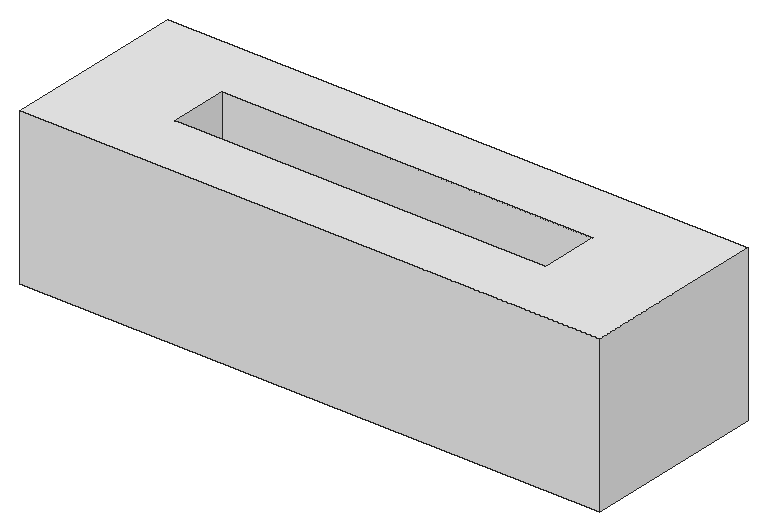
Revit family "Lighting-Recessed- Wall-Amerlux-Passo RT", category Lighting Fixtures, host Face, Revit 2017
Family settings
  Host = Face
  Round Connector Dimension = Use Diameter
  Part Type = Normal
  Cut with Voids When Loaded = No
  Light Source = Yes
  Shared = No
  Room Calculation Point = No
Parameters (values of type "PRCD12")
  Width = 0' - 4"
  Wattage = 9.2903 W
  built-in parameter 1150110 = 1 (stored number, unit not read)
  Voltage = 0 V
  URL = "http://www.amerlux.com/"
  built-in parameter 1114217 = 1 (stored number, unit not read)
  Tilt Angle = -90.00°
  built-in parameter 1150109 = 1 (stored number, unit not read)
  built-in parameter 1150134 = 3
  built-in parameter 1150113 = 1 (stored number, unit not read)
  Power Factor = 1
  Photometric Web File = "Load File"
  Opening = 0' - 8"
  Number of Poles = 1
  built-in parameter 1150142 = (empty or 0)
  Model = "Passo RT"
  Manufacturer = "Amerlux"
  built-in parameter 1150105 = 109.82 (stored number, unit not read)
  Lumens = 1380 lm
  built-in parameter 1150115 = 1 (stored number, unit not read)
  built-in parameter 1150137 = (empty or 0)
  built-in parameter 1150139 = (empty or 0)
  Length = 1' - 0 1/2"
  built-in parameter 1150112 = 1 (stored number, unit not read)
  built-in parameter 1150114 = 1 (stored number, unit not read)
  Lamp = "LED"
  built-in parameter 1150132 = (empty or 0)
  built-in parameter 1150102 = (empty or 0)
  built-in parameter 1150107 = 3200 (stored number, unit not read)
  built-in parameter 1150138 = (empty or 0)
  built-in parameter 1150106 = 1.0982 (stored number, unit not read)
  Height = 0' - 3"
  Emit from Line Length = 4' - 0"
  built-in parameter 1150104 = 13.8 (stored number, unit not read)
  Dimming Lamp Color Temperature Shift = <None>
  Description = "Recessed Steplight"
  Default Elevation = 4' - 0"
  Color Filter = 16777215
  built-in parameter 1114218 = 1 (stored number, unit not read)
  built-in parameter 1150133 = 10 (stored number, unit not read)
  Apparent Load = 0 VA
Types (3): name | Opening | Length
  (no name) | 0' - 8" | 1' - 0 1/2"
  PRCD8 | 0' - 4" | 0' - 8 1/2"
  PRCD12 | 0' - 8" | 1' - 0 1/2"
Reference planes (in)
  plane 1 "Center (Front/Back)": y = 0
  plane 2: z = 0
  plane 3 "Center (Left/Right)": x = 0
  plane 4: y = 2
  plane 5: y = -2
  plane 6: x = -4
  plane 7: x = 4
  plane 8: x = -6.25
  plane 9: x = 6.25
  plane 10: z = -3
  plane 11: z = 0.34375
  plane 12: y = 0.63102
  plane 13: y = -0.63102
Forms (in)
  Extrusion 1, solid, material "Finish"
    sketch origin (0, 0, 0) x (1, 0, 0) y (0, 1, 0)
      loop
        line (-6.25, 2) -> (-6.25, -2) -> (6.25, -2) -> (6.25, 2) -> (-6.25, 2)
    from 0.34375 to -3
  Extrusion 2, void
    sketch origin (0, 0, 0) x (1, 0, 0) y (0, 1, 0)
      loop
        line (-4, 0.63102) -> (-4, -0.63102) -> (4, -0.63102) -> (4, 0.63102) -> (-4, 0.63102)
    from -1.08079 to 0.34375
Cuts and joins
  Extrusion 2 cuts Extrusion 1
Dimensions and locks (in)
  equal spacing: plane 4, plane 1 "Center (Front/Back)", plane 5
  "Width": plane 4 to plane 5
  equal spacing: plane 6, plane 3 "Center (Left/Right)", plane 7
  "Height": host face to plane 10
  equal spacing: plane 8, plane 3 "Center (Left/Right)", plane 9
  "Length": plane 8 to plane 9
  "Opening": plane 6 to plane 7
  equal spacing: plane 12, plane 1 "Center (Front/Back)", plane 13
  plane 12 to plane 13 = 0' - 1.26204"
  aligned and locked: plane 2 to host face
  aligned and locked: level to host face
  aligned and locked: plane 4 to Extrusion 1 sketch curve
  aligned and locked: plane 8 to Extrusion 1 sketch curve
  aligned and locked: Extrusion 1 sketch curve to plane 5
  aligned and locked: Extrusion 1 sketch curve to plane 9
  aligned and locked: Extrusion 1 to plane 10
  aligned and locked: plane 6 to Extrusion 2 sketch curve
  aligned and locked: Extrusion 2 sketch curve to plane 7
  aligned and locked: Extrusion 2 sketch curve to plane 12
  aligned and locked: plane 13 to Extrusion 2 sketch curve
Automatic sketch dimensions
  host sketch curve to host sketch curve = 9' - 10.53435"
  host sketch curve to host sketch curve = 8' - 0"
Connectors (in)
  electrical at (0, 0, -3), driven by "Number of Poles", driven by "Voltage", driven by "Apparent Load", driven by "Power Factor"
    settings: on cut or joined group of Extrusion 1, Extrusion 2, index 1, voltage 0 V, apparent load 0 VA, apparent load phase1 0 VA, apparent load phase2 0 VA, apparent load phase3 0 VA, power factor 1, load classification "Other", number of poles 1, system type 31, power factor state 1, is connector primary yes, connector utility no, sub classification motor no, connector description ""
